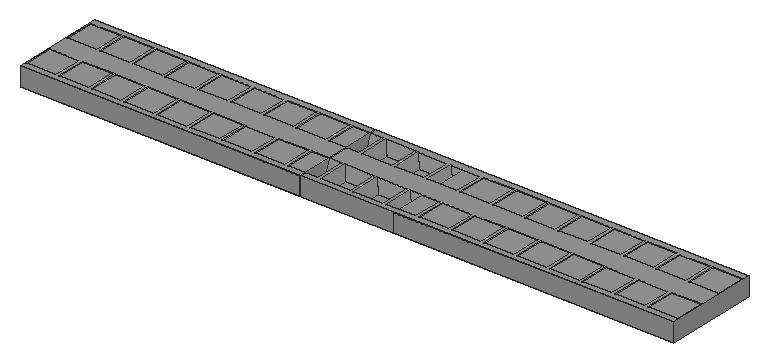
Revit family "2023778", category Lighting Fixtures, host Face, Revit 2018 (continued)
Automatic sketch dimensions
  Extrusion 66 sketch curve to plane 58 = 0 mm
  plane 12 to Extrusion 66 sketch curve = 10.5 mm
  Extrusion 66 sketch curve to plane 6 = 23.5 mm
  plane 50 to Extrusion 67 sketch curve = 10.5 mm
  Extrusion 67 sketch curve to plane 14 = 10.5 mm
  plane 12 to Extrusion 67 sketch curve = 10.5 mm
  Extrusion 67 sketch curve to plane 6 = 23.5 mm
  plane 15 to Extrusion 68 sketch curve = 10.5 mm
  Extrusion 68 sketch curve to plane 16 = 10.5 mm
  plane 12 to Extrusion 68 sketch curve = 10.5 mm
  Extrusion 68 sketch curve to plane 6 = 23.5 mm
  plane 17 to Extrusion 69 sketch curve = 10.5 mm
  Extrusion 69 sketch curve to plane 18 = 10.5 mm
  plane 12 to Extrusion 69 sketch curve = 10.5 mm
  Extrusion 69 sketch curve to plane 6 = 23.5 mm
  plane 19 to Extrusion 70 sketch curve = 10.5 mm
  Extrusion 70 sketch curve to plane 20 = 10.5 mm
  plane 12 to Extrusion 70 sketch curve = 10.5 mm
  Extrusion 70 sketch curve to plane 6 = 23.5 mm
  plane 21 to Extrusion 71 sketch curve = 10.5 mm
  Extrusion 71 sketch curve to plane 22 = 10.5 mm
  plane 12 to Extrusion 71 sketch curve = 10.5 mm
  Extrusion 71 sketch curve to plane 6 = 23.5 mm
  plane 23 to Extrusion 72 sketch curve = 10.5 mm
  Extrusion 72 sketch curve to plane 24 = 10.5 mm
  plane 12 to Extrusion 72 sketch curve = 10.5 mm
  Extrusion 72 sketch curve to plane 6 = 23.5 mm
  plane 31 to Extrusion 73 sketch curve = 10.5 mm
  Extrusion 73 sketch curve to plane 32 = 10.5 mm
  plane 12 to Extrusion 73 sketch curve = 10.5 mm
  Extrusion 73 sketch curve to plane 6 = 23.5 mm
  plane 33 to Extrusion 74 sketch curve = 10.5 mm
  Extrusion 74 sketch curve to plane 34 = 10.5 mm
  plane 12 to Extrusion 74 sketch curve = 10.5 mm
  Extrusion 74 sketch curve to plane 6 = 23.5 mm
  plane 35 to Extrusion 75 sketch curve = 10.5 mm
  Extrusion 75 sketch curve to plane 36 = 10.5 mm
  plane 12 to Extrusion 75 sketch curve = 10.5 mm
  Extrusion 75 sketch curve to plane 6 = 23.5 mm
  plane 37 to Extrusion 76 sketch curve = 10.5 mm
  Extrusion 76 sketch curve to plane 38 = 10.5 mm
  plane 12 to Extrusion 76 sketch curve = 10.5 mm
  Extrusion 76 sketch curve to plane 6 = 23.5 mm
  plane 39 to Extrusion 77 sketch curve = 10.5 mm
  Extrusion 77 sketch curve to plane 40 = 10.5 mm
  plane 12 to Extrusion 77 sketch curve = 10.5 mm
  Extrusion 77 sketch curve to plane 6 = 23.5 mm
  plane 41 to Extrusion 78 sketch curve = 10.5 mm
  Extrusion 78 sketch curve to plane 42 = 10.5 mm
  plane 12 to Extrusion 78 sketch curve = 10.5 mm
  Extrusion 78 sketch curve to plane 6 = 23.5 mm
  plane 43 to Extrusion 79 sketch curve = 10.5 mm
  Extrusion 79 sketch curve to plane 44 = 10.5 mm
  plane 12 to Extrusion 79 sketch curve = 10.5 mm
  Extrusion 79 sketch curve to plane 6 = 23.5 mm
  plane 45 to Extrusion 80 sketch curve = 10.5 mm
  Extrusion 80 sketch curve to plane 46 = 10.5 mm
  plane 12 to Extrusion 80 sketch curve = 10.5 mm
  Extrusion 80 sketch curve to plane 6 = 23.5 mm
  plane 47 to Extrusion 81 sketch curve = 10.5 mm
  Extrusion 81 sketch curve to plane 48 = 10.5 mm
  plane 12 to Extrusion 81 sketch curve = 10.5 mm
  Extrusion 81 sketch curve to plane 6 = 23.5 mm
  plane 49 to Extrusion 82 sketch curve = 10.5 mm
  Extrusion 82 sketch curve to plane 51 = 10.509 mm
  plane 12 to Extrusion 82 sketch curve = 10.5 mm
  Extrusion 82 sketch curve to plane 6 = 23.5 mm
  plane 25 to Extrusion 83 sketch curve = 10.5 mm
  Extrusion 83 sketch curve to plane 26 = 10.5 mm
  plane 12 to Extrusion 83 sketch curve = 10.5 mm
  Extrusion 83 sketch curve to plane 6 = 23.5 mm
  plane 27 to Extrusion 84 sketch curve = 10.5 mm
  Extrusion 84 sketch curve to plane 28 = 10.5 mm
  plane 12 to Extrusion 84 sketch curve = 10.5 mm
  Extrusion 84 sketch curve to plane 6 = 23.5 mm
  plane 29 to Extrusion 85 sketch curve = 10.5 mm
  Extrusion 85 sketch curve to plane 30 = 10.5 mm
  plane 12 to Extrusion 85 sketch curve = 10.5 mm
  Extrusion 85 sketch curve to plane 6 = 23.5 mm
  Extrusion 86 sketch curve to plane 4 = 0 mm
  Extrusion 86 sketch curve to plane 5 = 0 mm
  Extrusion 86 sketch curve to plane 7 = 0 mm
  Extrusion 86 sketch curve to plane 6 = 0 mm
Connectors
  electrical at (0, 0, 0), driven by "Apparent Load", driven by "PowerFactor", driven by "Voltage"
    settings: index 1, voltage 0 V, apparent load 44 VA, apparent load phase1 0 VA, apparent load phase2 0 VA, apparent load phase3 0 VA, power factor 0, load classification "Lighting", number of poles 1, system type 30, power factor state 1, is connector primary yes, connector utility no, sub classification motor no, connector description ""
